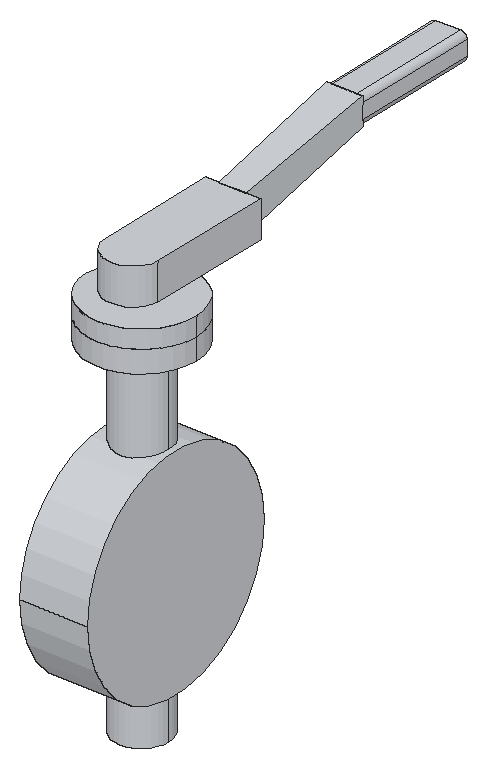
Revit family "HS497-68_disk-nerez_s pákou DN125-RFA_2019", category Pipe Accessories, Revit 2019
Family settings
  Round Connector Dimension = Use Diameter
  Part Type = Valve - Breaks Into
  Work Plane-Based = No
  Always vertical = Yes
  Cut with Voids When Loaded = No
  Shared = No
Parameters (values of type "HS 497-68_DN125_PN16_s pákou")
  magiProductId = "105993c79a91492399feef7931321a"
  magiProductFamilyId = "53cea81e6f374d17b8841d9c72ad77"
  magiPartTypeId = 305
  isMeasuringValve [instance] = no
  ang2D [instance] = 0.00°
  X11 = 61.456 mm
  X1 = 25.456 mm
  W2D = 1000 mm
  VersionID = "2.0/2017.9.26.1/ZETKAMA_497_001"
  Use Minimum Symbol Size [instance] = yes
  URL = "http://www.hydronic.cz"
  Type Comments = "mezipřírubová; nerezový disk; PN16; -10~+110°C (krátkodobě +120°C)"
  SW30 = no
  SW3 = no
  SW21 = no
  SW20 = yes
  SW2 = yes
  SW1 = no
  R = 62.5 mm
  QmdConnectorList = "301;D;302;D"
  Productdata [instance] = ""
  NC = 50 mm
  Manufacturer = "Hydronic Systems Prague s.r.o."
  MM20 = 25.456 mm
  MC Product Code = "121 125 (nerezový disk, s pákou; DN125; PN16, kvs872)"
  M41 = 66 mm
  M4 = 44 mm
  LHL = 315 mm
  LHH3 = 3.75 mm
  LHH1 = 71.25 mm
  LH1 = 105 mm
  L4R__ve = -L4R  # -12.8 mm
  L4R = 12.8 mm
  L42__ve = -L42  # -96 mm
  L42 = 96 mm
  L41__ve = -L41  # -19.2 mm
  L41 = 19.2 mm
  L2D_Min = 3048 mm
  L2D = 216 mm
  L2 = 28 mm
  L1 = 44.8 mm
  L = 56 mm
  H = 33 mm
  G22 = 11.25 mm
  G2 = 22.5 mm
  G1 = 90 mm
  G = 90 mm
  F = 14 mm
  E44 = 31.25 mm
  E42 = 62.5 mm
  E4 = 125 mm
  E23 = 7.5 mm
  E22 = 30 mm
  E21 = 15 mm
  Description = "Mezipřírubová uzavírací klapka s pákou; nerezový disk, DN125; PN16; kvs872"
  DR2 = 62.5 mm
  DR = 180 mm
  DD1 = 15.625 mm
  DD = 12.5 mm
  D = 125 mm
  CAT0 = yes
  B2__ve = -B2  # -64 mm
  B2 = 64 mm
  A2 = 18 mm
  A1 = 99.5 mm
Types (43, lengths in mm): name | magiProductId | X11 | X1 | Type Comments | SW30 | SW3 | SW20 | SW2 | SW1 | R | NC | Manufacturer | MM20 | MC Product Code | M41 | M4 | LHL | LHH3 | LHH1 | LH1 | L4R__ve | L4R | L42__ve | L42 | L41__ve | L41 | L2 | L1 | L | H | G | F | E44 | E42 | E4 | E23 | E22 | E21 | Description | DR2 | DR | DD1 | DD | D | B2__ve | B2 | A2 | A1
  HS 497-68_DN100_PN16_volné vřeteno | "65d1b245f4f142c78569c0602d5754" | 61.456 | 25.456 | "mezipřírubová; nerezový disk; PN16; -10~+110°C (krátkodobě +120°C)" | no | no | no | no | yes | 50 | 50 | "Hydronic Systems Prague s.r.o." | 25.456 | "124 100 (nerezový disk, s volným vřetenem; DN100; PN16, kvs512)" | 66 | 44 | 220 | 2.45 | 46.55 | 73.333 | -12.8 | 12.8 | -96 | 96 | -19.2 | 19.2 | 26 | 41.6 | 52 | 30 | 90 | 11 | 31.25 | 62.5 | 125 | 4.9 | 19.6 | 9.8 | "Mezipřírubová uzavírací klapka s volným vřetenem; nerezový disk, DN100; PN16; kvs512" | 50 | 147 | 15.625 | 12.5 | 100 | -56 | 56 | 16.5 | 98.5
  HS 497-68_DN100_PN16_převodové kolo | "11e91b807e674d428c8e796fcdcfe2" | 61.456 | 25.456 | "mezipřírubová; nerezový disk; PN16; -10~+110°C (krátkodobě +120°C)" | yes | yes | no | no | no | 50 | 50 | "Hydronic Systems Prague s.r.o." | 25.456 | "126 100 (nerezový disk, s převodovým kolem; DN100; PN16, kvs512)" | 65.25 | 43.5 | 220 | 2.45 | 46.55 | 73.333 | -12.8 | 12.8 | -96 | 96 | -19.2 | 19.2 | 26 | 41.6 | 52 | 30 | 90 | 11 | 31.25 | 62.5 | 125 | 4.9 | 19.6 | 9.8 | "Mezipřírubová uzavírací klapka s převodovým kolem; nerezový disk, DN100; PN16; kvs512" | 50 | 147 | 15.625 | 12.5 | 100 | -56 | 56 | 16.5 | 98.5
  HS 497-68_DN100_PN16_s pákou | "28172f0b3f4b47b28323ac71cf8749" | 61.456 | 25.456 | "mezipřírubová; nerezový disk; PN16; -10~+110°C (krátkodobě +120°C)" | no | no | yes | yes | no | 50 | 50 | "Hydronic Systems Prague s.r.o." | 25.456 | "121 100 (nerezový disk, s pákou; DN100; PN16, kvs512)" | 66 | 44 | 260 | 3 | 57 | 86.667 | -12.8 | 12.8 | -96 | 96 | -19.2 | 19.2 | 26 | 41.6 | 52 | 30 | 90 | 11 | 31.25 | 62.5 | 125 | 6 | 24 | 12 | "Mezipřírubová uzavírací klapka s pákou; nerezový disk, DN100; PN16; kvs512" | 50 | 147 | 15.625 | 12.5 | 100 | -56 | 56 | 16.5 | 98.5
  HS 497-68_DN125_PN16_volné vřeteno | "0d813d910fc14f628bb3c2efbd185c" | 61.456 | 25.456 | "mezipřírubová; nerezový disk; PN16; -10~+110°C (krátkodobě +120°C)" | no | no | no | no | yes | 62.5 | 50 | "Hydronic Systems Prague s.r.o." | 25.456 | "124 125 (nerezový disk, s volným vřetenem; DN125; PN16, kvs872)" | 66 | 44 | 220 | 2.45 | 46.55 | 73.333 | -12.8 | 12.8 | -96 | 96 | -19.2 | 19.2 | 28 | 44.8 | 56 | 33 | 90 | 14 | 31.25 | 62.5 | 125 | 4.9 | 19.6 | 9.8 | "Mezipřírubová uzavírací klapka s volným vřetenem; nerezový disk, DN125; PN16; kvs872" | 62.5 | 180 | 15.625 | 12.5 | 125 | -64 | 64 | 18 | 99.5
  HS 497-68_DN125_PN16_převodové kolo | "c56b7c13f372467684996fb1e0e229" | 61.456 | 25.456 | "mezipřírubová; nerezový disk; PN16; -10~+110°C (krátkodobě +120°C)" | yes | yes | no | no | no | 62.5 | 50 | "Hydronic Systems Prague s.r.o." | 25.456 | "126125 (nerezový disk, s převodovým kolem; DN125; PN16, kvs872)" | 65.25 | 43.5 | 220 | 2.45 | 46.55 | 73.333 | -13.5 | 13.5 | -101.25 | 101.25 | -20.25 | 20.25 | 28 | 44.8 | 56 | 33 | 90 | 14 | 40 | 80 | 160 | 4.9 | 19.6 | 9.8 | "Mezipřírubová uzavírací klapka s převodovým kolem; nerezový disk, DN125; PN16; kvs872" | 62.5 | 180 | 20 | 16 | 125 | -64 | 64 | 18 | 99.5
  HS 497-68_DN125_PN16_s pákou | "105993c79a91492399feef7931321a" | 61.456 | 25.456 | "mezipřírubová; nerezový disk; PN16; -10~+110°C (krátkodobě +120°C)" | no | no | yes | yes | no | 62.5 | 50 | "Hydronic Systems Prague s.r.o." | 25.456 | "121 125 (nerezový disk, s pákou; DN125; PN16, kvs872)" | 66 | 44 | 315 | 3.75 | 71.25 | 105 | -12.8 | 12.8 | -96 | 96 | -19.2 | 19.2 | 28 | 44.8 | 56 | 33 | 90 | 14 | 31.25 | 62.5 | 125 | 7.5 | 30 | 15 | "Mezipřírubová uzavírací klapka s pákou; nerezový disk, DN125; PN16; kvs872" | 62.5 | 180 | 15.625 | 12.5 | 125 | -64 | 64 | 18 | 99.5
  HS 497-68_DN150_PN16_volné vřeteno | "50c80cb8ab434f55ab7796e5ac1331" | 61.456 | 25.456 | "mezipřírubová; nerezový disk; PN16; -10~+110°C (krátkodobě +120°C)" | no | no | no | no | yes | 75 | 50 | "Hydronic Systems Prague s.r.o." | 25.456 | "124 150 (nerezový disk, s volným vřetenem; DN150; PN16, kvs1347)" | 66 | 44 | 220 | 2.45 | 46.55 | 73.333 | -12.8 | 12.8 | -96 | 96 | -19.2 | 19.2 | 28 | 44.8 | 56 | 33 | 90 | 14 | 31.25 | 62.5 | 125 | 4.9 | 19.6 | 9.8 | "Mezipřírubová uzavírací klapka s volným vřetenem; nerezový disk, DN150; PN16; kvs1347" | 75 | 206 | 15.625 | 12.5 | 150 | -58 | 58 | 19.3 | 98.7
  HS 497-68_DN150_PN16_převodové kolo | "d94a1a0cf83b476eb10011b327f709" | 61.456 | 25.456 | "mezipřírubová; nerezový disk; PN16; -10~+110°C (krátkodobě +120°C)" | yes | yes | no | no | no | 75 | 50 | "Hydronic Systems Prague s.r.o." | 25.456 | "126 150 (nerezový disk, s převodovým kolem; DN150; PN16, kvs1347)" | 65.25 | 43.5 | 220 | 2.45 | 46.55 | 73.333 | -13.5 | 13.5 | -101.25 | 101.25 | -20.25 | 20.25 | 28 | 44.8 | 56 | 33 | 90 | 14 | 40 | 80 | 160 | 4.9 | 19.6 | 9.8 | "Mezipřírubová uzavírací klapka s převodovým kolem; nerezový disk, DN150; PN16; kvs1347" | 75 | 206 | 20 | 16 | 150 | -58 | 58 | 19.3 | 98.7
  HS 497-68_DN150_PN16_s pákou | "4d2835523fe84828bc50ff0a5a0dfb" | 61.456 | 25.456 | "mezipřírubová; nerezový disk; PN16; -10~+110°C (krátkodobě +120°C)" | no | no | yes | yes | no | 75 | 50 | "Hydronic Systems Prague s.r.o." | 25.456 | "121 150 (nerezový disk, s pákou; DN150; PN16, kvs1347)" | 66 | 44 | 315 | 3.75 | 71.25 | 105 | -12.8 | 12.8 | -96 | 96 | -19.2 | 19.2 | 28 | 44.8 | 56 | 33 | 90 | 14 | 31.25 | 62.5 | 125 | 7.5 | 30 | 15 | "Mezipřírubová uzavírací klapka s pákou; nerezový disk, DN150; PN16; kvs1347" | 75 | 206 | 15.625 | 12.5 | 150 | -58 | 58 | 19.3 | 98.7
  HS 497-68_DN200_PN16_volné vřeteno | "5b29029eaeba47139ee1055a4b9201" | 61.456 | 25.456 | "mezipřírubová; nerezový disk; PN16; -10~+110°C (krátkodobě +120°C)" | no | no | no | no | yes | 100 | 50 | "Hydronic Systems Prague s.r.o." | 25.456 | "124 200 (nerezový disk, s volným vřetenem; DN200; PN16, kvs2675)" | 66 | 44 | 220 | 2.45 | 46.55 | 73.333 | -12.8 | 12.8 | -96 | 96 | -19.2 | 19.2 | 30 | 48 | 60 | 33 | 90 | 17 | 31.25 | 62.5 | 125 | 4.9 | 19.6 | 9.8 | "Mezipřírubová uzavírací klapka s volným vřetenem; nerezový disk, DN200; PN16; kvs2675" | 100 | 257 | 15.625 | 12.5 | 200 | -70 | 70 | 22.5 | 102.5
  HS 497-68_DN200_PN16_převodové kolo | "b2793cc1fcc44cf2a35062cd67c04f" | 61.456 | 25.456 | "mezipřírubová; nerezový disk; PN16; -10~+110°C (krátkodobě +120°C)" | yes | yes | no | no | no | 100 | 57 | "Hydronic Systems Prague s.r.o." | 25.456 | "126 200 (nerezový disk, s převodovým kolem; DN200; PN16, kvs2675)" | 78.75 | 52.5 | 220 | 2.45 | 46.55 | 73.333 | -15.2 | 15.2 | -114 | 114 | -22.8 | 22.8 | 30 | 48 | 60 | 33 | 90 | 17 | 50 | 100 | 200 | 4.9 | 19.6 | 9.8 | "Mezipřírubová uzavírací klapka s převodovým kolem; nerezový disk, DN200; PN16; kvs2675" | 100 | 257 | 25 | 20 | 200 | -70 | 70 | 22.5 | 102.5
  HS 497-68_DN200_PN16_s pákou | "f88d96c7af224537a51e72d7d8fffe" | 61.456 | 25.456 | "mezipřírubová; nerezový disk; PN16; -10~+110°C (krátkodobě +120°C)" | no | no | yes | yes | no | 100 | 50 | "Hydronic Systems Prague s.r.o." | 25.456 | "121 200 (nerezový disk, s pákou; DN200; PN16, kvs2675)" | 66 | 44 | 315 | 3.75 | 71.25 | 105 | -12.8 | 12.8 | -96 | 96 | -19.2 | 19.2 | 30 | 48 | 60 | 33 | 90 | 17 | 31.25 | 62.5 | 125 | 7.5 | 30 | 15 | "Mezipřírubová uzavírací klapka s pákou; nerezový disk, DN200; PN16; kvs2675" | 100 | 257 | 15.625 | 12.5 | 200 | -70 | 70 | 22.5 | 102.5
  HS 497-68_DN250_PN16_volné vřeteno | "b662e8305ca2402b9c510e66e6aa55" | 88.77 | 36.77 | "mezipřírubová; nerezový disk; PN16; -10~+110°C (krátkodobě +120°C)" | no | no | no | no | yes | 125 | 50 | "Hydronic Systems Prague s.r.o." | 36.77 | "124 250 (nerezový disk, s volným vřetenem; DN250; PN16, kvs4555)" | 66 | 44 | 220 | 2.45 | 46.55 | 73.333 | -12.8 | 12.8 | -96 | 96 | -19.2 | 19.2 | 34 | 54.4 | 68 | 23 | 130 | 22 | 31.25 | 62.5 | 125 | 4.9 | 19.6 | 9.8 | "Mezipřírubová uzavírací klapka s volným vřetenem; nerezový disk, DN250; PN16; kvs4555" | 125 | 324 | 15.625 | 12.5 | 250 | -85 | 85 | 28.25 | 129.25
  HS 497-68_DN250_PN16_převodové kolo | "5ee9016806664ddfaa2632711f295c" | 88.77 | 36.77 | "mezipřírubová; nerezový disk; PN16; -10~+110°C (krátkodobě +120°C)" | yes | yes | no | no | no | 125 | 70 | "Hydronic Systems Prague s.r.o." | 36.77 | "126 250 (nerezový disk, s převodovým kolem; DN250; PN16, kvs4555)" | 91.5 | 61 | 220 | 2.45 | 46.55 | 73.333 | -22.2 | 22.2 | -166.5 | 166.5 | -33.3 | 33.3 | 34 | 54.4 | 68 | 23 | 130 | 22 | 62.5 | 125 | 250 | 4.9 | 19.6 | 9.8 | "Mezipřírubová uzavírací klapka s převodovým kolem; nerezový disk, DN250; PN16; kvs4555" | 125 | 324 | 31.25 | 25 | 250 | -85 | 85 | 28.25 | 129.25
  HS 497-68_DN300_PN16_volné vřeteno | "e1886f51ff004380a649519258edf2" | 88.77 | 36.77 | "mezipřírubová; nerezový disk; PN16; -10~+110°C (krátkodobě +120°C)" | no | no | no | no | yes | 150 | 50 | "Hydronic Systems Prague s.r.o." | 36.77 | "124 300 (nerezový disk, s volným vřetenem; DN300; PN16, kvs7037)" | 66 | 44 | 220 | 2.45 | 46.55 | 73.333 | -12.8 | 12.8 | -96 | 96 | -19.2 | 19.2 | 39 | 62.4 | 78 | 23 | 130 | 22 | 31.25 | 62.5 | 125 | 4.9 | 19.6 | 9.8 | "Mezipřírubová uzavírací klapka s volným vřetenem; nerezový disk, DN300; PN16; kvs7037" | 150 | 376 | 15.625 | 12.5 | 300 | -90 | 90 | 30.8 | 127.2
  HS 497-68_DN300_PN16_převodové kolo | "6860f094f77d42088fbebc3c97f755" | 88.77 | 36.77 | "mezipřírubová; nerezový disk; PN16; -10~+110°C (krátkodobě +120°C)" | yes | yes | no | no | no | 150 | 70 | "Hydronic Systems Prague s.r.o." | 36.77 | "126 300 (nerezový disk, s převodovým kolem; DN300; PN16, kvs7037)" | 91.5 | 61 | 220 | 2.45 | 46.55 | 73.333 | -22.2 | 22.2 | -166.5 | 166.5 | -33.3 | 33.3 | 39 | 62.4 | 78 | 23 | 130 | 22 | 62.5 | 125 | 250 | 4.9 | 19.6 | 9.8 | "Mezipřírubová uzavírací klapka s převodovým kolem; nerezový disk, DN300; PN16; kvs7037" | 150 | 376 | 31.25 | 25 | 300 | -90 | 90 | 30.8 | 127.2
  HS 497-68_DN032_PN16_volné vřeteno | "8c5f65de52aa4067a77564107e31b2" | 61.456 | 25.456 | "mezipřírubová; nerezový disk; PN16; -10~+110°C (krátkodobě +120°C)" | no | no | no | no | yes | 16 | 50 | "Hydronic Systems Prague s.r.o." | 25.456 | "124 032 (nerezový disk, s volným vřetenem; DN32; PN16, kvs78)" | 66 | 44 | 220 | 2.45 | 46.55 | 73.333 | -12.8 | 12.8 | -96 | 96 | -19.2 | 19.2 | 16.5 | 26.4 | 33 | 30 | 90 | 11 | 31.25 | 62.5 | 125 | 4.9 | 19.6 | 9.8 | "Mezipřírubová uzavírací klapka s volným vřetenem; nerezový disk, DN32; PN16; kvs78" | 16 | 68 | 15.625 | 12.5 | 32 | -44.2 | 44.2 | 10.25 | 76.25
  HS 497-68_DN032_PN16_převodové kolo | "60aaeffa8b3a4e809ef000e4660060" | 61.456 | 25.456 | "mezipřírubová; nerezový disk; PN16; -10~+110°C (krátkodobě +120°C)" | yes | yes | no | no | no | 16 | 50 | "Hydronic Systems Prague s.r.o." | 25.456 | "126 032 (nerezový disk, s převodovým kolem; DN32; PN16, kvs78)" | 65.25 | 43.5 | 220 | 2.45 | 46.55 | 73.333 | -12.8 | 12.8 | -96 | 96 | -19.2 | 19.2 | 16.5 | 26.4 | 33 | 30 | 90 | 11 | 31.25 | 62.5 | 125 | 4.9 | 19.6 | 9.8 | "Mezipřírubová uzavírací klapka s převodovým kolem; nerezový disk, DN32; PN16; kvs78" | 16 | 68 | 15.625 | 12.5 | 32 | -44.2 | 44.2 | 10.25 | 76.25
  HS 497-68_DN032_PN16_s pákou | "9ad8088d610749a1b871aa2aad8007" | 61.456 | 25.456 | "mezipřírubová; nerezový disk; PN16; -10~+110°C (krátkodobě +120°C)" | no | no | yes | yes | no | 16 | 50 | "Hydronic Systems Prague s.r.o." | 25.456 | "121 032 (nerezový disk, s pákou; DN32; PN16, kvs78)" | 66 | 44 | 220 | 2.45 | 46.55 | 73.333 | -12.8 | 12.8 | -96 | 96 | -19.2 | 19.2 | 16.5 | 26.4 | 33 | 30 | 90 | 11 | 31.25 | 62.5 | 125 | 4.9 | 19.6 | 9.8 | "Mezipřírubová uzavírací klapka s pákou; nerezový disk, DN32; PN16; kvs78" | 16 | 68 | 15.625 | 12.5 | 32 | -44.2 | 44.2 | 10.25 | 76.25
  HS 497-68_DN350_PN10_volné vřeteno | "72a1e05f22944421b7e9596a877137" | 109.255 | 45.255 | "mezipřírubová; nerezový disk; PN10; -10~+110°C (krátkodobě +120°C)" | no | no | no | no | yes | 175 | 50 | "Hydronic Systems Prague s.r.o." | 45.255 | "124 350 (nerezový disk, s volným vřetenem; DN350; PN10, kvs10165)" | 66 | 44 | 220 | 2.45 | 46.55 | 73.333 | -12.8 | 12.8 | -96 | 96 | -19.2 | 19.2 | 39 | 62.4 | 78 | 31 | 160 | 22 | 31.25 | 62.5 | 125 | 4.9 | 19.6 | 9.8 | "Mezipřírubová uzavírací klapka s volným vřetenem; nerezový disk, DN350; PN10; kvs10165" | 175 | 430 | 15.625 | 12.5 | 350 | -88 | 88 | 33.85 | 129.65
  HS 497-68_DN350_PN10_převodové kolo | "a5a01426cb28494ba3afca92f1dace" | 109.255 | 45.255 | "mezipřírubová; nerezový disk; PN10; -10~+110°C (krátkodobě +120°C)" | yes | yes | no | no | no | 175 | 70 | "Hydronic Systems Prague s.r.o." | 45.255 | "126 350 (nerezový disk, s převodovým kolem; DN350; PN10, kvs10165)" | 91.5 | 61 | 220 | 2.45 | 46.55 | 73.333 | -22.2 | 22.2 | -166.5 | 166.5 | -33.3 | 33.3 | 39 | 62.4 | 78 | 31 | 160 | 22 | 62.5 | 125 | 250 | 4.9 | 19.6 | 9.8 | "Mezipřírubová uzavírací klapka s převodovým kolem; nerezový disk, DN350; PN10; kvs10165" | 175 | 430 | 31.25 | 25 | 350 | -88 | 88 | 33.85 | 129.65
  HS 497-68_DN400_PN10_volné vřeteno | "c70ebeb927c04ab99b176e257ad0a7" | 109.255 | 45.255 | "mezipřírubová; nerezový disk; PN10; -10~+110°C (krátkodobě +120°C)" | no | no | no | no | yes | 200 | 50 | "Hydronic Systems Prague s.r.o." | 45.255 | "124 400 (nerezový disk, s volným vřetenem; DN400; PN10, kvs13799)" | 66 | 44 | 220 | 2.45 | 46.55 | 73.333 | -12.8 | 12.8 | -96 | 96 | -19.2 | 19.2 | 51 | 81.6 | 102 | 31 | 160 | 27 | 31.25 | 62.5 | 125 | 4.9 | 19.6 | 9.8 | "Mezipřírubová uzavírací klapka s volným vřetenem; nerezový disk, DN400; PN10; kvs13799" | 200 | 485 | 15.625 | 12.5 | 400 | -108 | 108 | 38 | 142
  HS 497-68_DN400_PN10_převodové kolo | "cc64a4384dcb41b780d81810f4f293" | 109.255 | 45.255 | "mezipřírubová; nerezový disk; PN10; -10~+110°C (krátkodobě +120°C)" | yes | yes | no | no | no | 200 | 72.5 | "Hydronic Systems Prague s.r.o." | 45.255 | "126 400 (nerezový disk, s převodovým kolem; DN400; PN10, kvs13799)" | 103.5 | 69 | 220 | 2.45 | 46.55 | 73.333 | -27.8 | 27.8 | -208.5 | 208.5 | -41.7 | 41.7 | 51 | 81.6 | 102 | 31 | 160 | 27 | 75 | 150 | 300 | 4.9 | 19.6 | 9.8 | "Mezipřírubová uzavírací klapka s převodovým kolem; nerezový disk, DN400; PN10; kvs13799" | 200 | 485 | 37.5 | 30 | 400 | -108 | 108 | 38 | 142
  HS 497-68_DN040_PN16_volné vřeteno | "35f92312390745e88df5b5c325d9ee" | 61.456 | 25.456 | "mezipřírubová; nerezový disk; PN16; -10~+110°C (krátkodobě +120°C)" | no | no | no | no | yes | 20 | 50 | "Hydronic Systems Prague s.r.o." | 25.456 | "124 040 (nerezový disk, s volným vřetenem; DN40; PN16, kvs78)" | 66 | 44 | 220 | 2.45 | 46.55 | 73.333 | -12.8 | 12.8 | -96 | 96 | -19.2 | 19.2 | 16.5 | 26.4 | 33 | 30 | 90 | 11 | 31.25 | 62.5 | 125 | 4.9 | 19.6 | 9.8 | "Mezipřírubová uzavírací klapka s volným vřetenem; nerezový disk, DN40; PN16; kvs78" | 20 | 76 | 15.625 | 12.5 | 40 | -36 | 36 | 11 | 79
  HS 497-68_DN040_PN16_převodové kolo | "d88e968eae3445bc9b7b4e6ff35127" | 61.456 | 25.456 | "mezipřírubová; nerezový disk; PN16; -10~+110°C (krátkodobě +120°C)" | yes | yes | no | no | no | 20 | 50 | "Hydronic Systems Prague s.r.o." | 25.456 | "126 040 (nerezový disk, s převodovým kolem; DN40; PN16, kvs78)" | 65.25 | 43.5 | 220 | 2.45 | 46.55 | 73.333 | -12.8 | 12.8 | -96 | 96 | -19.2 | 19.2 | 16.5 | 26.4 | 33 | 30 | 90 | 11 | 31.25 | 62.5 | 125 | 4.9 | 19.6 | 9.8 | "Mezipřírubová uzavírací klapka s převodovým kolem; nerezový disk, DN40; PN16; kvs78" | 20 | 76 | 15.625 | 12.5 | 40 | -36 | 36 | 11 | 79
  HS 497-68_DN040_PN16_s pákou | "c1b522ca65b4407a98818f232eaacb" | 61.456 | 25.456 | "mezipřírubová; nerezový disk; PN16; -10~+110°C (krátkodobě +120°C)" | no | no | yes | yes | no | 20 | 50 | "Hydronic Systems Prague s.r.o." | 25.456 | "121 040 (nerezový disk, s pákou; DN40; PN16, kvs78)" | 66 | 44 | 220 | 2.45 | 46.55 | 73.333 | -12.8 | 12.8 | -96 | 96 | -19.2 | 19.2 | 16.5 | 26.4 | 33 | 30 | 90 | 11 | 31.25 | 62.5 | 125 | 4.9 | 19.6 | 9.8 | "Mezipřírubová uzavírací klapka s pákou; nerezový disk, DN40; PN16; kvs78" | 20 | 76 | 15.625 | 12.5 | 40 | -36 | 36 | 11 | 79
  HS 497-68_DN450_PN10_volné vřeteno | "a8358bc282f14872b3194e530e590a" | 129.74 | 53.74 | "mezipřírubová; nerezový disk; PN10; -10~+110°C (krátkodobě +120°C)" | no | no | no | no | yes | 225 | 50 | "Hydronic Systems Prague s.r.o." | 53.74 | "124 450 (nerezový disk, s volným vřetenem; DN450; PN10, kvs18514)" | 66 | 44 | 220 | 2.45 | 46.55 | 73.333 | -12.8 | 12.8 | -96 | 96 | -19.2 | 19.2 | 57 | 91.2 | 114 | 38 | 190 | 36 | 31.25 | 62.5 | 125 | 4.9 | 19.6 | 9.8 | "Mezipřírubová uzavírací klapka s volným vřetenem; nerezový, DN450; PN10; kvs18514" | 225 | 536 | 15.625 | 12.5 | 450 | -115 | 115 | 38.05 | 117.45
  HS 497-68_DN450_PN10_převodové kolo | "cdf2d80f54a9414f9cbe50647c0ebd" | 129.74 | 53.74 | "mezipřírubová; nerezový disk; PN10; -10~+110°C (krátkodobě +120°C)" | yes | yes | no | no | no | 225 | 91.5 | "Zetkama" | 53.74 | "126 450 (nerezový disk, s převodovým kolem; DN450; PN10, kvs18514)" | 144.75 | 96.5 | 220 | 2.45 | 46.55 | 73.333 | -32.1 | 32.1 | -240.75 | 240.75 | -48.15 | 48.15 | 57 | 91.2 | 114 | 38 | 190 | 36 | 100 | 200 | 400 | 4.9 | 19.6 | 9.8 | "Mezipřírubová uzavírací klapka s převodovým kolem; nerezový disk, DN450; PN10; kvs18514" | 225 | 536 | 50 | 40 | 450 | -115 | 115 | 38.05 | 117.45
  HS 497-68_DN500_PN10_volné vřeteno | "8c396e27bb2743f98f3c762b6517cd" | 143.397 | 59.397 | "mezipřírubová; nerezový disk; PN10; -10~+110°C (krátkodobě +120°C)" | no | no | no | no | yes | 250 | 50 | "Hydronic Systems Prague s.r.o." | 59.397 | "124 500 (nerezový disk, s volným vřetenem; DN500; PN10, kvs23805)" | 66 | 44 | 220 | 2.45 | 46.55 | 73.333 | -12.8 | 12.8 | -96 | 96 | -19.2 | 19.2 | 63.5 | 101.6 | 127 | 38 | 210 | 36 | 31.25 | 62.5 | 125 | 4.9 | 19.6 | 9.8 | "Mezipřírubová uzavírací klapka s volným vřetenem; nerezový disk, DN500; PN10; kvs23805" | 250 | 593 | 15.625 | 12.5 | 500 | -130 | 130 | 43.25 | 139.25
  HS 497-68_DN500_PN10_převodové kolo | "7647804f32e94cef828a7034a91a46" | 143.397 | 59.397 | "mezipřírubová; nerezový disk; PN10; -10~+110°C (krátkodobě +120°C)" | yes | yes | no | no | no | 250 | 91.5 | "Zetkama" | 59.397 | "126 500 (nerezový disk, s převodovým kolem; DN500; PN10, kvs23805)" | 144.75 | 96.5 | 220 | 2.45 | 46.55 | 73.333 | -32.1 | 32.1 | -240.75 | 240.75 | -48.15 | 48.15 | 63.5 | 101.6 | 127 | 38 | 210 | 36 | 100 | 200 | 400 | 4.9 | 19.6 | 9.8 | "Mezipřírubová uzavírací klapka s převodovým kolem; nerezový disk, DN500; PN10; kvs23805" | 250 | 593 | 50 | 40 | 500 | -130 | 130 | 43.25 | 139.25
  HS 497-68_DN050_volné vřeteno | "d71f296ecd6d4adf8f6e5d9853b4e0" | 61.456 | 25.456 | "mezipřírubová; nerezový disk; PN16; -10~+110°C (krátkodobě +120°C)" | no | no | no | no | yes | 25 | 50 | "Hydronic Systems Prague s.r.o." | 25.456 | "124 050 (nerezový disk, s volným vřetenem; DN50; PN16, kvs98)" | 66 | 44 | 220 | 2.45 | 46.55 | 73.333 | -12.8 | 12.8 | -96 | 96 | -19.2 | 19.2 | 21.5 | 34.4 | 43 | 30 | 90 | 11 | 31.25 | 62.5 | 125 | 4.9 | 19.6 | 9.8 | "Mezipřírubová uzavírací klapka s volným vřetenem; nerezový disk, DN50; PN16; kvs98" | 25 | 100 | 15.625 | 12.5 | 50 | -36.5 | 36.5 | 12 | 83
  HS 497-68_DN050_PN16_převodové kolo | "2fb080deeaed49c58418b94c1da5a4" | 61.456 | 25.456 | "mezipřírubová; nerezový disk; PN16; -10~+110°C (krátkodobě +120°C)" | yes | yes | no | no | no | 25 | 50 | "Hydronic Systems Prague s.r.o." | 25.456 | "126 050 (nerezový disk, s převodovým kolem; DN50; PN16, kvs98)" | 65.25 | 43.5 | 220 | 2.45 | 46.55 | 73.333 | -12.8 | 12.8 | -96 | 96 | -19.2 | 19.2 | 21.5 | 34.4 | 43 | 30 | 90 | 11 | 31.25 | 62.5 | 125 | 4.9 | 19.6 | 9.8 | "Mezipřírubová uzavírací klapka s převodovým kolem; nerezový disk, DN50; PN16; kvs98" | 25 | 100 | 15.625 | 12.5 | 50 | -36.5 | 36.5 | 12 | 83
  HS 497-68_DN050_PN16_s pákou | "dabc632061f94877a994b9b4e68112" | 61.456 | 25.456 | "mezipřírubová; nerezový disk; PN16; -10~+110°C (krátkodobě +120°C)" | no | no | yes | yes | no | 25 | 50 | "Hydronic Systems Prague s.r.o." | 25.456 | "121 050 (nerezový disk, s pákou; DN50; PN16, kvs98)" | 66 | 44 | 220 | 2.45 | 46.55 | 73.333 | -12.8 | 12.8 | -96 | 96 | -19.2 | 19.2 | 21.5 | 34.4 | 43 | 30 | 90 | 11 | 31.25 | 62.5 | 125 | 4.9 | 19.6 | 9.8 | "Mezipřírubová uzavírací klapka s pákou; nerezový disk, DN50; PN16; kvs98" | 25 | 100 | 15.625 | 12.5 | 50 | -36.5 | 36.5 | 12 | 83
  HS 497-68_DN600_PN10_volné vřeteno | "99d5892c14664fce81a7c5903f7711" | 143.397 | 59.397 | "mezipřírubová; nerezový disk; PN10; -10~+110°C (krátkodobě +120°C)" | no | no | no | no | yes | 300 | 50 | "Hydronic Systems Prague s.r.o." | 59.397 | "124 600 (nerezový disk, s volným vřetenem; DN600; PN10, kvs36778)" | 66 | 44 | 220 | 2.45 | 46.55 | 73.333 | -12.8 | 12.8 | -96 | 96 | -19.2 | 19.2 | 77 | 123.2 | 154 | 80 | 210 | 60 | 31.25 | 62.5 | 125 | 4.9 | 19.6 | 9.8 | "Mezipřírubová uzavírací klapka s volným vřetenem; nerezový disk, DN600; PN10; kvs36788" | 300 | 690 | 15.625 | 12.5 | 600 | -140 | 140 | 49.4 | 144.6
  HS 497-68_DN600_PN10_převodové kolo | "b1e26faab48a4c499f6bb11e7e3002" | 143.397 | 59.397 | "mezipřírubová; lnerezový disk; PN10; -10~+110°C (krátkodobě +120°C)" | yes | yes | no | no | no | 300 | 140 | "Hydronic Systems Prague s.r.o." | 59.397 | "126 600 (nerezový disk, s převodovým kolem; DN600; PN10, kvs36778)" | 206.25 | 137.5 | 220 | 2.45 | 46.55 | 73.333 | -40.8 | 40.8 | -306 | 306 | -61.2 | 61.2 | 77 | 123.2 | 154 | 80 | 210 | 60 | 125 | 250 | 500 | 4.9 | 19.6 | 9.8 | "Mezipřírubová uzavírací klapka s převodovým kolem; nerezový disk, DN600; PN10; kvs36788" | 300 | 690 | 62.5 | 50 | 600 | -140 | 140 | 49.4 | 144.6
  HS 497-68_DN065_PN16_volné vřeteno | "5e5e208646e34ec29f889baab5d08e" | 61.456 | 25.456 | "mezipřírubová; lnerezový disk; PN16; -10~+110°C (krátkodobě +120°C)" | no | no | no | no | yes | 32.5 | 50 | "Hydronic Systems Prague s.r.o." | 25.456 | "124 065 (nerezový disk, s volným vřetenem; DN65; PN16, kvs167)" | 66 | 44 | 220 | 2.45 | 46.55 | 73.333 | -12.8 | 12.8 | -96 | 96 | -19.2 | 19.2 | 23 | 36.8 | 46 | 30 | 90 | 11 | 31.25 | 62.5 | 125 | 4.9 | 19.6 | 9.8 | "Mezipřírubová uzavírací klapka s volným vřetenem; nerezový disk, DN65; PN16; kv167" | 32.5 | 108 | 15.625 | 12.5 | 65 | -36.5 | 36.5 | 13.5 | 89
  HS 497-68_DN065_PN16_převodové kolo | "654d74c8d15540b0bfe523d988ccb3" | 61.456 | 25.456 | "mezipřírubová; nerezový disk; PN16; -10~+110°C (krátkodobě +120°C)" | yes | yes | no | no | no | 32.5 | 50 | "Hydronic Systems Prague s.r.o." | 25.456 | "126 065 (nerezový disk, s převodovým kolem; DN65; PN16, kvs167)" | 65.25 | 43.5 | 220 | 2.45 | 46.55 | 73.333 | -12.8 | 12.8 | -96 | 96 | -19.2 | 19.2 | 23 | 36.8 | 46 | 30 | 90 | 11 | 31.25 | 62.5 | 125 | 4.9 | 19.6 | 9.8 | "Mezipřírubová uzavírací klapka s převodovým kolem; nerezový disk, DN65; PN16; kvs167" | 32.5 | 108 | 15.625 | 12.5 | 65 | -36.5 | 36.5 | 13.5 | 89
  HS 497-68_DN065_PN16_s pákou | "ebeb4b59db0641caaf6d6635ab37b9" | 61.456 | 25.456 | "mezipřírubová; nerezový disk; PN16; -10~+110°C (krátkodobě +120°C)" | no | no | yes | yes | no | 32.5 | 50 | "Hydronic Systems Prague s.r.o." | 25.456 | "121 065 (nerezový disk, s pákou; DN65; PN16, kvs167)" | 66 | 44 | 220 | 2.45 | 46.55 | 73.333 | -12.8 | 12.8 | -96 | 96 | -19.2 | 19.2 | 23 | 36.8 | 46 | 30 | 90 | 11 | 31.25 | 62.5 | 125 | 4.9 | 19.6 | 9.8 | "Mezipřírubová uzavírací klapka s pákou; nerezový disk, DN65; PN16; kvs167" | 32.5 | 108 | 15.625 | 12.5 | 65 | -36.5 | 36.5 | 13.5 | 89
  HS 497-68_DN080_PN16_volné vřeteno | "9e85c75c18654e1185a9c48ed6b00e" | 61.456 | 25.456 | "mezipřírubová; nerezový disk; PN16; -10~+110°C (krátkodobě +120°C)" | no | no | no | no | yes | 40 | 50 | "Hydronic Systems Prague s.r.o." | 25.456 | "124 080 (nerezový disk, s volným vřetenem; DN80; PN16, kvs258)" | 66 | 44 | 220 | 2.45 | 46.55 | 73.333 | -12.8 | 12.8 | -96 | 96 | -19.2 | 19.2 | 23 | 36.8 | 46 | 30 | 90 | 11 | 31.25 | 62.5 | 125 | 4.9 | 19.6 | 9.8 | "Mezipřírubová uzavírací klapka s volným vřetenem; nerezový disk, DN80; PN16; kvs258" | 40 | 124 | 15.625 | 12.5 | 80 | -54 | 54 | 14.1 | 86.9
  HS 497-68_DN080_PN16_převodové kolo | "5b3c8238c3d041e68c75b199e7ea46" | 61.456 | 25.456 | "mezipřírubová; nerezový disk; PN16; -10~+110°C (krátkodobě +120°C)" | yes | yes | no | no | no | 40 | 50 | "Hydronic Systems Prague s.r.o." | 25.456 | "126 080 (nerezový disk, s převodovým kolem; DN80; PN16, kvs258)" | 65.25 | 43.5 | 220 | 2.45 | 46.55 | 73.333 | -12.8 | 12.8 | -96 | 96 | -19.2 | 19.2 | 23 | 36.8 | 46 | 30 | 90 | 11 | 31.25 | 62.5 | 125 | 4.9 | 19.6 | 9.8 | "Mezipřírubová uzavírací klapka s převodovým kolem; nerezový disk, DN80; PN16; kvs258" | 40 | 124 | 15.625 | 12.5 | 80 | -54 | 54 | 14.1 | 86.9
  HS 497-68_DN080_PN16_s pákou | "e414795fab0f4eccb99bc3572c5477" | 61.456 | 25.456 | "mezipřírubová; nerezový disk; PN16; -10~+110°C (krátkodobě +120°C)" | no | no | yes | yes | no | 40 | 50 | "Hydronic Systems Prague s.r.o." | 25.456 | "121 080 (nerezový disk, s pákou; DN80; PN16, kvs258)" | 66 | 44 | 260 | 3 | 57 | 86.667 | -12.8 | 12.8 | -96 | 96 | -19.2 | 19.2 | 23 | 36.8 | 46 | 30 | 90 | 11 | 31.25 | 62.5 | 125 | 6 | 24 | 12 | "Mezipřírubová uzavírací klapka s pákou; nerezový disk, DN80; PN16; kvs258" | 40 | 124 | 15.625 | 12.5 | 80 | -54 | 54 | 14.1 | 86.9
  HS 497-68_DN250_PN16_s pákou | "" | 88.77 | 36.77 | "mezipřírubová; nerezový disk; PN16; -10~+110°C (krátkodobě +120°C)" | no | no | yes | yes | no | 125 | 70 | "Hydronic Systems Prague s.r.o." | 36.77 | "121 250 (nerezový disk, s ákou; DN250; PN16, kvs4555)" | 91.5 | 61 | 220 | 2.45 | 46.55 | 73.333 | -22.2 | 22.2 | -166.5 | 166.5 | -33.3 | 33.3 | 34 | 54.4 | 68 | 23 | 130 | 22 | 62.5 | 125 | 250 | 4.9 | 19.6 | 9.8 | "Mezipřírubová uzavírací klapka s pákou; nerezový disk, DN250; PN16; kvs4555" | 125 | 324 | 31.25 | 25 | 250 | -85 | 85 | 28.25 | 129.25
  HS 497-68_DN300_PN16_s pákou | "" | 88.77 | 36.77 | "mezipřírubová; nerezový disk; PN16; -10~+110°C (krátkodobě +120°C)" | no | no | yes | yes | no | 150 | 70 | "Hydronic Systems Prague s.r.o." | 36.77 | "121 300 (nerezový disk, s pákou; DN300; PN16, kvs7037)" | 91.5 | 61 | 220 | 2.45 | 46.55 | 73.333 | -22.2 | 22.2 | -166.5 | 166.5 | -33.3 | 33.3 | 39 | 62.4 | 78 | 23 | 130 | 22 | 62.5 | 125 | 250 | 4.9 | 19.6 | 9.8 | "Mezipřírubová uzavírací klapka s pákou; nerezový disk, DN300; PN16; kvs7037" | 150 | 376 | 31.25 | 25 | 300 | -90 | 90 | 30.8 | 127.2
Reference planes
  plane 1 "Center (Front/Back)": y = 0
  plane 2 "XYPLANE": z = 0
  plane 3 "Center (Left/Right)": x = 0
  plane 4 "473": x = -25.456
  plane 5 "472": x = -66
  plane 6 "471": y = -25.456
  plane 7 "470": y = 25.456
  plane 8 "469": x = -44
  plane 9 "468": y = -115.2
  plane 10 "467": y = -96
  plane 11 "466": z = 211.25
  plane 12 "465": z = 251.25
  plane 13 "464": y = 208.75
  plane 14 "463": z = 236.25
  plane 15 "462": z = 210
  plane 16 "461": z = 225
  plane 17 "460": y = 103.75
  plane 18 "459": x = -11.25
  plane 19 "458": x = 11.25
  plane 20 "457": y = -6.25
  plane 21 "456": x = -17.5
  plane 22 "455": x = 17.5
  plane 23 "454": z = 232.5
  plane 24 "453": y = 93.75
  plane 25 "452": y = -11.25
  plane 26 "451": x = -22.5
  plane 27 "450": x = 22.5
  plane 28 "449": z = 202.5
  plane 29 "448": z = 195
  plane 30 "447": z = -62.5
  plane 31 "446": z = 180
  plane 32 "445": z = 162
  plane 33 "444": z = 62.5
  plane 34 "443": x = 28
  plane 35 "442": x = -28
  plane 36 "441": z = 0
  plane 37 "440": y = 0
  plane 38 "439": x = 0
  plane 39 "438": z = 255
  plane 40 "437": z = 232.5
  plane 41 "436": x = 15
  plane 42 "435": x = -15
  plane 43 "434": y = 315
Forms (mm)
  Extrusion 1, solid, visible <- "SW3"
    sketch origin (-750, 0, 180) x (1, 0, 0) y (0, 1, 0)
      loop
        line (684, 25.456) -> (684, -25.456) -> (724.544, -25.456)
        arc (724.544, -25.456) -> (786, 0) -> (724.544, 25.456) r 36
        line (724.544, 25.456) -> (684, 25.456)
    from 0 to 62.5 <- "E42"
  Extrusion 2, solid, visible <- "SW30"
    sketch origin (0, -750, 0) x (0, 1, 0) y (0, 0, 1)
      loop
        circle (750, 211.25) r 7.813
    from 0 to 50 <- "NC"
  Extrusion 3, solid, visible <- "SW30"
    sketch origin (750, -115.2, 0) x (-1, 0, 0) y (0, 0, 1)
      loop
        circle (794, 211.25) r 62.5
    from 0 to -12.8 <- "L4R__ve"
  Extrusion 4, solid, visible <- "SW3"
    sketch origin (750, -96, 0) x (-1, 0, 0) y (0, 0, 1)
      loop
        circle (794, 211.25) r 7.813
    from 0 to -19.2 <- "L41__ve"
  Extrusion 5, solid, visible <- "SW30"
    sketch origin (750, 0, 0) x (-1, 0, 0) y (0, 0, 1)
      loop
        circle (794, 211.25) r 6.25
    from 0 to -96 <- "L42__ve"
  Blend 6, solid, visible <- "SW21"
    base sketch origin (750, 103.75, 0) x (-1, 0, 0) y (0, 0, 1)
      loop
        line (761.25, 225) -> (738.75, 225) -> (738.75, 210) -> (761.25, 210) -> (761.25, 225)
    top sketch origin (750, 103.75, 0) x (-1, 0, 0) y (0, 0, 1)
      loop
        line (761.25, 251.25) -> (738.75, 251.25) -> (738.75, 236.25) -> (761.25, 236.25) -> (761.25, 251.25)
    from 0 to 105
  Blend 7, solid, visible <- "SW21"
    base sketch origin (750, 93.75, 0) x (-1, 0, 0) y (0, 0, 1)
      loop
        line (761.25, 232.5) -> (738.75, 232.5) -> (738.75, 202.5) -> (761.25, 202.5) -> (761.25, 232.5)
    top sketch origin (750, 93.75, 0) x (-1, 0, 0) y (0, 0, 1)
      loop
        line (761.25, 225) -> (738.75, 225) -> (738.75, 210) -> (761.25, 210) -> (761.25, 225)
    from 0 to 10
  Blend 8, solid, visible <- "SW21"
    base sketch origin (-750, 0, 202.5) x (1, 0, 0) y (0, 1, 0)
      loop
        line (772.5, 93.75) -> (727.5, 93.75) -> (727.5, -11.25)
        arc (727.5, -11.25) -> (750, -31.25) -> (772.5, -11.25) r 22.656
        line (772.5, -11.25) -> (772.5, 93.75)
    top sketch origin (-750, 0, 202.5) x (1, 0, 0) y (0, 1, 0)
      loop
        line (767.5, 93.75) -> (732.5, 93.75) -> (732.5, -6.25)
        arc (732.5, -6.25) -> (750, -26.25) -> (767.5, -6.25) r 17.656
        line (767.5, -6.25) -> (767.5, 93.75)
    from 0 to 30
  Extrusion 9, solid, visible <- "SW2"
    sketch origin (-750, 0, 195) x (1, 0, 0) y (0, 1, 0)
      loop
        circle (750, 0) r 11.25
    from 0 to 7.5 <- "E23"
  Extrusion 10, solid, visible <- "SW2"
    sketch origin (-750, 0, 180) x (1, 0, 0) y (0, 1, 0)
      loop
        circle (750, 0) r 45
    from 0 to 15 <- "E21"
  Extrusion 11, solid, visible <- "CAT0"
    sketch origin (-750, 0, -62.5) x (1, 0, 0) y (0, 1, 0)
      loop
        circle (750, 0) r 22.4
    from 0 to -64 <- "B2__ve"
  Extrusion 12, solid, visible <- "CAT0"
    sketch origin (-750, 0, 162) x (1, 0, 0) y (0, 1, 0)
      loop
        circle (750, 0) r 45
    from 0 to 18 <- "A2"
  Extrusion 13, solid, visible <- "CAT0"
    sketch origin (-750, 0, 62.5) x (1, 0, 0) y (0, 1, 0)
      loop
        circle (750, 0) r 22.4
    from 0 to 99.5 <- "A1"
  Extrusion 14, solid, visible <- "CAT0"
    sketch origin (-28, -750, 0) x (0, 1, 0) y (0, 0, 1)
      loop
        circle (750, 0) r 90
    from 0 to 56 <- "L"
  Extrusion 15, solid, visible <- "SW1"
    sketch origin (-750, 0, 180) x (1, 0, 0) y (0, 1, 0)
      loop
        line (757, 7) -> (743, 7) -> (743, -7) -> (757, -7) -> (757, 7)
    from 0 to 33 <- "H"
  Blend 16, solid, visible <- "SW2"
    base sketch origin (750, 208.75, 0) x (-1, 0, 0) y (0, 0, 1)
      loop
        arc (765, 250) -> (763.536, 253.536) -> (760, 255) r 5
        line (760, 255) -> (740, 255)
        arc (740, 255) -> (736.464, 253.536) -> (735, 250) r 5
        line (735, 250) -> (735, 237.5)
        arc (735, 237.5) -> (736.464, 233.964) -> (740, 232.5) r 5
        line (740, 232.5) -> (760, 232.5)
        arc (760, 232.5) -> (763.536, 233.964) -> (765, 237.5) r 5
        line (765, 237.5) -> (765, 250)
    top sketch origin (750, 208.75, 0) x (-1, 0, 0) y (0, 0, 1)
      loop
        arc (765, 250) -> (763.536, 253.536) -> (760, 255) r 5
        line (760, 255) -> (740, 255)
        arc (740, 255) -> (736.464, 253.536) -> (735, 250) r 5
        line (735, 250) -> (735, 237.5)
        arc (735, 237.5) -> (736.464, 233.964) -> (740, 232.5) r 5
        line (740, 232.5) -> (760, 232.5)
        arc (760, 232.5) -> (763.536, 233.964) -> (765, 237.5) r 5
        line (765, 237.5) -> (765, 250)
    from 0 to 106.25
  Blend 17, solid, visible <- "SW20"
    base sketch origin (750, 208.75, 0) x (-1, 0, 0) y (0, 0, 1)
      loop
        line (765, 255) -> (735, 255) -> (735, 232.5) -> (765, 232.5) -> (765, 255)
    top sketch origin (750, 208.75, 0) x (-1, 0, 0) y (0, 0, 1)
      loop
        line (761.25, 232.5) -> (738.75, 232.5) -> (738.75, 202.5) -> (761.25, 202.5) -> (761.25, 232.5)
    from 0 to -115
  Extrusion 18, solid, visible <- "SW20"
    sketch origin (-750, 0, 202.5) x (1, 0, 0) y (0, 1, 0)
      loop
        line (772.5, 93.75) -> (727.5, 93.75) -> (727.5, -11.25)
        arc (727.5, -11.25) -> (750, -31.25) -> (772.5, -11.25) r 22.656
        line (772.5, -11.25) -> (772.5, 93.75)
    from 0 to 30 <- "E22"
  Extrusion 19, solid, not visible
    sketch origin (-28, -750, 0) x (0, 1, 0) y (0, 0, 1)
      loop
        circle (750, 0) r 10
    from 0 to 10
  Extrusion 20, solid, not visible
    sketch origin (28, -750, 0) x (0, 1, 0) y (0, 0, 1)
      loop
        circle (750, 0) r 10
    from 0 to -10
Lines and regions (mm)
  reference lines, not visible
    curve 1: circle (2, 2, 0) r 1 normal (0, 0, 1)
  reference lines
    curve 2: line (-25.456, -25.456, 180) -> (-25.456, 25.456, 180)
    curve 3: line (-17.5, -6.25, 202.5) -> (17.5, -6.25, 202.5)
    curve 4: line (-22.5, -11.25, 202.5) -> (22.5, -11.25, 202.5)
    curve 5: circle (0, 0, 180) r 1 normal (0, 0, 1)
    curve 6: line (-22.5, -11.25, 202.5) -> (22.5, -11.25, 202.5)
Dimensions and locks
  plane 1 "Center (Front/Back)" to curve 1 = 2 mm
  "X1": plane 3 "Center (Left/Right)" to plane 4 "473"
  "M41": plane 3 "Center (Left/Right)" to plane 5 "472"
  "MM20": plane 1 "Center (Front/Back)" to plane 6 "471"
  "MM20": plane 1 "Center (Front/Back)" to plane 7 "470"
  "M4": plane 3 "Center (Left/Right)" to plane 8 "469"
  "L41": plane 10 "467" to plane 9 "468"
  "L42": plane 1 "Center (Front/Back)" to plane 10 "467"
  "E44": plane 31 "446" to plane 11 "466"
  "LHH1": plane 31 "446" to plane 12 "465"
  "LH1": plane 17 "460" to plane 13 "464"
  "E21": plane 12 "465" to plane 14 "463"
  "E21": plane 16 "461" to plane 15 "462"
  "E23": plane 23 "454" to plane 16 "461"
  locked: plane 24 "453" to plane 17 "460" at 10
  "G22": plane 3 "Center (Left/Right)" to plane 18 "459"
  "G22": plane 3 "Center (Left/Right)" to plane 19 "458"
  locked: plane 25 "452" to plane 20 "457" at 5
  locked: plane 26 "451" to plane 21 "456" at 5
  locked: plane 27 "450" to plane 22 "455" at 5
  "E22": plane 28 "449" to plane 23 "454"
  "LH1": plane 25 "452" to plane 24 "453"
  "G22": plane 1 "Center (Front/Back)" to plane 25 "452"
  "G2": plane 3 "Center (Left/Right)" to plane 26 "451"
  "G2": plane 3 "Center (Left/Right)" to plane 27 "450"
  "E23": plane 29 "448" to plane 28 "449"
  "E21": plane 31 "446" to plane 29 "448"
  "R": plane 2 "XYPLANE" to plane 30 "447"
  "A2": plane 32 "445" to plane 31 "446"
  "A1": plane 33 "444" to plane 32 "445"
  "DR2": plane 2 "XYPLANE" to plane 33 "444"
  "L2": plane 3 "Center (Left/Right)" to plane 34 "443"
  "L2": plane 3 "Center (Left/Right)" to plane 35 "442"
  locked: plane 2 "XYPLANE" to plane 36 "441"
  locked: plane 1 "Center (Front/Back)" to plane 37 "440"
  locked: plane 3 "Center (Left/Right)" to plane 38 "439"
  "LHH3": plane 12 "465" to plane 39 "438"
  "LHH3": plane 14 "463" to plane 40 "437"
  "LHH3": plane 19 "458" to plane 41 "436"
  "LHH3": plane 18 "459" to plane 42 "435"
  "LHL": plane 1 "Center (Front/Back)" to plane 43 "434"
  "X11": curve 2 to Extrusion 1 sketch curve
  Extrusion 1 sketch curve to Extrusion 1 sketch curve = 0 mm  (x8)
  Blend 6 sketch curve to Blend 6 sketch curve = 0 mm  (x16)
  Blend 7 sketch curve to Blend 7 sketch curve = 0 mm  (x16)
  Blend 8 sketch curve to Blend 8 sketch curve = 0 mm  (x16)
  equal spacing: Extrusion 15 sketch curve, curve 5, Extrusion 15 sketch curve  (x2)
  "F": Extrusion 15 sketch curve to Extrusion 15 sketch curve  (x2)
  Blend 16 sketch curve to Blend 16 sketch curve = 0 mm  (x32)
  Blend 17 sketch curve to Blend 17 sketch curve = 0 mm  (x16)
  Extrusion 18 sketch curve to Extrusion 18 sketch curve = 0 mm  (x8)
  "DD1": diameter of Extrusion 2 sketch curve
  "E4": diameter of Extrusion 3 sketch curve
  "DD1": diameter of Extrusion 4 sketch curve
  "DD": diameter of Extrusion 5 sketch curve
  "G2": diameter of Extrusion 9 sketch curve
  "G1": diameter of Extrusion 10 sketch curve
  "L1": diameter of Extrusion 11 sketch curve
  "G": diameter of Extrusion 12 sketch curve
  "L1": diameter of Extrusion 13 sketch curve
  "DR": diameter of Extrusion 14 sketch curve
  radius of Blend 16 sketch curve = 5 mm  (x8)
  aligned and locked: level to plane 2 "XYPLANE"
  aligned and locked: Extrusion 1 sketch curve to plane 5 "472"
  aligned and locked: plane 7 "470" to Extrusion 1 sketch curve
  aligned and locked: plane 6 "471" to Extrusion 1 sketch curve
  aligned and locked: plane 5 "472" to Extrusion 1 sketch curve
  aligned and locked: plane 4 "473" to Extrusion 1 sketch curve  (x2)
  aligned and locked: plane 4 "473" to curve 2
  aligned and locked: plane 6 "471" to curve 2
  aligned and locked: plane 7 "470" to curve 2
  aligned and locked: Extrusion 1 sketch curve to plane 7 "470"
  aligned and locked: plane 11 "466" to Extrusion 2 sketch curve
  aligned and locked: plane 37 "440" to Extrusion 2 sketch curve
  aligned and locked: plane 8 "469" to Extrusion 3 sketch curve
  aligned and locked: plane 11 "466" to Extrusion 3 sketch curve
  aligned and locked: plane 8 "469" to Extrusion 4 sketch curve
  aligned and locked: plane 11 "466" to Extrusion 4 sketch curve
  aligned and locked: plane 8 "469" to Extrusion 5 sketch curve
  aligned and locked: plane 11 "466" to Extrusion 5 sketch curve
  aligned and locked: plane 12 "465" to Blend 6 sketch curve  (x2)
  aligned and locked: plane 18 "459" to Blend 6 sketch curve  (x4)
  aligned and locked: plane 19 "458" to Blend 6 sketch curve  (x4)
  aligned and locked: plane 14 "463" to Blend 6 sketch curve  (x2)
  aligned and locked: plane 16 "461" to Blend 6 sketch curve  (x2)
  aligned and locked: plane 15 "462" to Blend 6 sketch curve  (x2)
  aligned and locked: plane 13 "464" to Blend 6
  aligned and locked: plane 16 "461" to Blend 7 sketch curve  (x2)
  aligned and locked: plane 18 "459" to Blend 7 sketch curve  (x4)
  aligned and locked: plane 19 "458" to Blend 7 sketch curve  (x4)
  aligned and locked: plane 15 "462" to Blend 7 sketch curve  (x2)
  aligned and locked: plane 23 "454" to Blend 7 sketch curve  (x2)
  aligned and locked: plane 28 "449" to Blend 7 sketch curve  (x2)
  aligned and locked: plane 17 "460" to Blend 7
  aligned and locked: plane 24 "453" to Blend 8 sketch curve  (x4)
  aligned and locked: plane 22 "455" to Blend 8 sketch curve  (x2)
  aligned and locked: plane 21 "456" to Blend 8 sketch curve
  aligned and locked: plane 20 "457" to Blend 8 sketch curve  (x2)
  aligned and locked: curve 3 to plane 20 "457"
  aligned and locked: plane 21 "456" to curve 3
  aligned and locked: plane 22 "455" to curve 3
  aligned and locked: plane 27 "450" to Blend 8 sketch curve  (x2)
  aligned and locked: plane 26 "451" to Blend 8 sketch curve
  aligned and locked: plane 25 "452" to Blend 8 sketch curve  (x2)
  aligned and locked: curve 4 to plane 25 "452"
  aligned and locked: plane 26 "451" to curve 4
  aligned and locked: plane 27 "450" to curve 4
  aligned and locked: plane 23 "454" to Blend 8
  aligned and locked: plane 37 "440" to Extrusion 9 sketch curve
  aligned and locked: plane 38 "439" to Extrusion 9 sketch curve
  aligned and locked: plane 37 "440" to Extrusion 10 sketch curve
  aligned and locked: plane 38 "439" to Extrusion 10 sketch curve
  aligned and locked: plane 37 "440" to Extrusion 11 sketch curve
  aligned and locked: plane 38 "439" to Extrusion 11 sketch curve
  aligned and locked: plane 37 "440" to Extrusion 12 sketch curve
  aligned and locked: plane 38 "439" to Extrusion 12 sketch curve
  aligned and locked: plane 37 "440" to Extrusion 13 sketch curve
  aligned and locked: plane 38 "439" to Extrusion 13 sketch curve
  aligned and locked: plane 36 "441" to Extrusion 14 sketch curve
  aligned and locked: Extrusion 14 sketch curve to plane 37 "440"
  aligned and locked: plane 37 "440" to curve 5
  aligned and locked: plane 38 "439" to curve 5
  aligned and locked: plane 39 "438" to Blend 16 sketch curve  (x2)
  aligned and locked: plane 41 "436" to Blend 16 sketch curve  (x2)
  aligned and locked: Blend 16 sketch curve to plane 40 "437"  (x2)
  aligned and locked: Blend 16 sketch curve to plane 42 "435"  (x2)
  aligned and locked: plane 43 "434" to Blend 16
  aligned and locked: plane 23 "454" to Blend 17 sketch curve  (x2)
  aligned and locked: plane 18 "459" to Blend 17 sketch curve  (x2)
  aligned and locked: plane 19 "458" to Blend 17 sketch curve  (x2)
  aligned and locked: plane 28 "449" to Blend 17 sketch curve  (x2)
  aligned and locked: plane 39 "438" to Blend 17 sketch curve  (x2)
  aligned and locked: plane 42 "435" to Blend 17 sketch curve  (x2)
  aligned and locked: plane 41 "436" to Blend 17 sketch curve  (x2)
  aligned and locked: plane 40 "437" to Blend 17 sketch curve  (x2)
  aligned and locked: Blend 17 to plane 24 "453"
  aligned and locked: plane 24 "453" to Extrusion 18 sketch curve  (x2)
  aligned and locked: plane 27 "450" to Extrusion 18 sketch curve  (x2)
  aligned and locked: plane 26 "451" to Extrusion 18 sketch curve
  aligned and locked: plane 25 "452" to Extrusion 18 sketch curve  (x2)
  aligned and locked: curve 6 to plane 25 "452"
  aligned and locked: plane 26 "451" to curve 6
  aligned and locked: plane 27 "450" to curve 6
  aligned and locked: plane 36 "441" to Extrusion 19 sketch curve
  aligned and locked: Extrusion 19 sketch curve to plane 37 "440"
  aligned and locked: plane 36 "441" to Extrusion 20 sketch curve
  aligned and locked: Extrusion 20 sketch curve to plane 37 "440"
Automatic sketch dimensions
  Blend 8 sketch curve to plane 20 "457" = 2.344 mm  (x2)
  Extrusion 18 sketch curve to plane 20 "457" = 2.344 mm
  plane 25 "452" to Extrusion 19 sketch curve = 1.25 mm
  plane 25 "452" to Extrusion 20 sketch curve = 1.25 mm
  plane 3 "Center (Left/Right)" to curve 1 = 2 mm
  Extrusion 15 sketch curve to plane 3 "Center (Left/Right)" = 7 mm
  Extrusion 15 sketch curve to plane 20 "457" = 0.75 mm
  radius of curve 5 = 1 mm
  radius of curve 1 = 1 mm
Connectors
  piping at (-28, 0, 0), diameter 125, driven by "D"
    settings: on Extrusion 19, index 1, connector inside diameter 609.6 mm, connector length 0 mm, flow factor 0, pipe flow 0.0 L/s, pressure drop 0.0 Pa, fitting loss kfactor 0, connector angle 0.00°, fixture units 0, engagement length 0 mm, angle of deflection 0.00°, flow configuration 0, flow direction 0, fitting loss method 0, system type 29, joint type 0, gender type 0, connector reference index 2, connector utility 0, adjustable connector no, is connector primary yes, connector description ""
  piping at (28, 0, 0), diameter 125, driven by "D"
    settings: on Extrusion 20, index 2, connector inside diameter 609.6 mm, connector length 0 mm, flow factor 0, pipe flow 0.0 L/s, pressure drop 0.0 Pa, fitting loss kfactor 0, connector angle 0.00°, fixture units 0, engagement length 0 mm, angle of deflection 0.00°, flow configuration 0, flow direction 0, fitting loss method 0, system type 29, joint type 0, gender type 0, connector reference index 1, connector utility 0, adjustable connector no, is connector primary no, connector description ""
